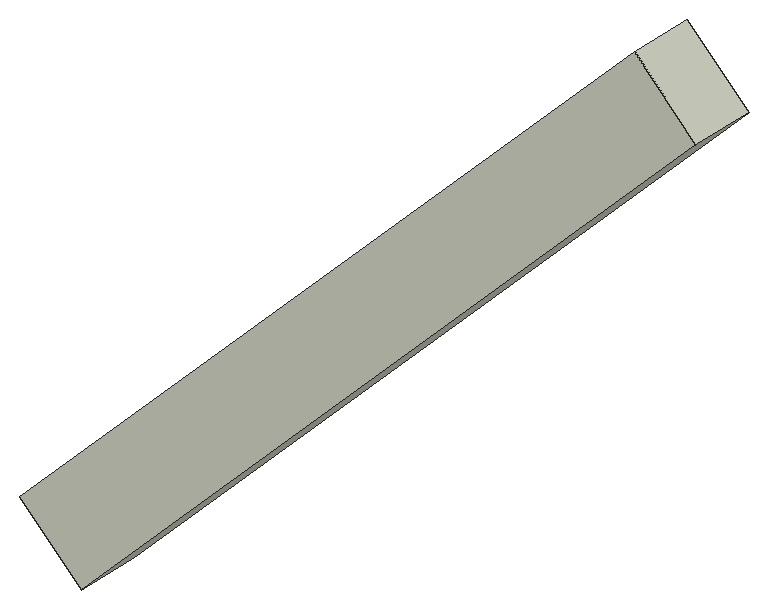
Revit family "グレーチング_不等辺山形鋼", category Generic Models, Revit 2023
Family settings
  Can host rebar = No
  Round Connector Dimension = Use Diameter
  Part Type = Normal
  Work Plane-Based = Yes
  Always vertical = No
  Cut with Voids When Loaded = No
  Maintain Annotation Orientation = No
  Shared = No
  Room Calculation Point = No
Parameters (values of type "L 100 x 75")
  高さ = 100 mm
  長辺 [instance] = 長さ  # 1000 mm
  長さ [instance] = 1000 mm
  部屋名 = ""
  角度 [instance] = 45.00°
  Default Elevation = 1219.2 mm
  構造マテリアル = E614_グレーチング
  幅 = 75 mm
Types (6, lengths in mm): name | 高さ | 幅
  L 100 x 75 | 100 | 75
  L 125 x 75 | 125 | 75
  L 125 x 90 | 125 | 90
  L 150 x 100 | 150 | 100
  L 150 x 90 | 150 | 90
  L 90 x 75 | 90 | 75
Reference planes
  plane 1 "中心(正面/背面)": y = 0
  plane 2: z = 0
  plane 3 "中心(左/右)": x = 0
Lines and regions (mm)
  reference lines
    curve 1: line (0, 0, 0) -> (848.528, 0, 848.528)
    curve 2: line (35.355, 0, -35.355) -> (-35.355, 0, 35.355)
    curve 3: line (742.462, 0, 671.751) -> (671.751, 0, 742.462)
Dimensions and locks
  equal spacing: curve 2, curve 1, curve 2
  "高さ": curve 2 to curve 2
  equal spacing: curve 3, curve 1, curve 3
  "高さ": curve 3 to curve 3
  "長さ": curve 2 to curve 3
  "角度": angle level to curve 1
  angle curve 2 to curve 1 = 90.00°
  angle curve 3 to curve 1 = 90.00°
  aligned and locked: level to plane 2
  aligned and locked: level to curve 1
  aligned and locked: plane 3 "中心(左/右)" to curve 1
  aligned and locked: curve 2 to nested 1
  aligned and locked: nested 1 to curve 1
Nested families
  nested 1: "グレーチング_不等辺山形鋼" at (-35.355, 0, 35.355) x (0, 1, 0) z (0.7071, 0, -0.7071), 長さ <- "長さ", type "L 90 x 75"
    with 長辺 1000 mm, 長さ 1000 mm, 高さ 100 mm
Definition of nested family "グレーチング_不等辺山形鋼"
  Parameters (values of type "L 125 x 75")
    高さ = 125 mm
    長辺 [instance] = 長さ  # 1000 mm
    長さ [instance] = 1000 mm
    部屋名 = ""
    Default Elevation = 1219.2 mm
    構造マテリアル = none
    幅 = 75 mm
  Types (6, lengths in mm): name | 高さ | 幅
    L 90 x 75 | 90 | 75
    L 100 x 75 | 100 | 75
    L 125 x 75 | 125 | 75
    L 125 x 90 | 125 | 90
    L 150 x 90 | 150 | 90
    L 150 x 100 | 150 | 100
  Reference planes
    plane 1 "中心(正面/背面)": y = 0
    plane 2: z = 0
    plane 3 "中心(左/右)": x = 0
    plane 4: z = 125
    plane 5: z = 62.5
  Forms (mm)
    Extrusion 1, solid, material <- "構造マテリアル"
      sketch origin (0, 0, 0) x (1, 0, 0) y (0, 1, 0)
        loop
          line (-37.5, 1000) -> (-37.5, 0) -> (37.5, 0) -> (37.5, 1000) -> (-37.5, 1000)
      from 0 to 125
  Lines and regions (mm)
    reference lines
      curve 1: line (37.5, 1000, 0) -> (-37.5, 1000, 0)
      curve 2: line (37.5, 0, 0) -> (-37.5, 0, 0)
  Dimensions and locks
    "長さ": curve 1 to curve 2
    "幅": Extrusion 1 to Extrusion 1
    equal spacing: Extrusion 1, plane 3 "中心(左/右)", Extrusion 1
    "幅": curve 1 to curve 1
    equal spacing: curve 1, plane 3 "中心(左/右)", curve 1
    "幅": curve 2 to curve 2
    equal spacing: curve 2, plane 3 "中心(左/右)", curve 2
    equal spacing: plane 4, plane 5, level
    "高さ": plane 4 to level
    aligned and locked: level to plane 2
    aligned and locked: Extrusion 1 to curve 2
    aligned and locked: curve 1 to Extrusion 1
    aligned and locked: plane 4 to Extrusion 1
  Automatic sketch dimensions
    Extrusion 1 sketch curve to plane 3 "中心(左/右)" = 37.5 mm
    plane 3 "中心(左/右)" to Extrusion 1 sketch curve = 37.5 mm
    plane 1 "中心(正面/背面)" to Extrusion 1 sketch curve = 0 mm
    Extrusion 1 sketch curve to plane 1 "中心(正面/背面)" = 1000 mm
    plane 1 "中心(正面/背面)" to curve 2 = 0 mm
